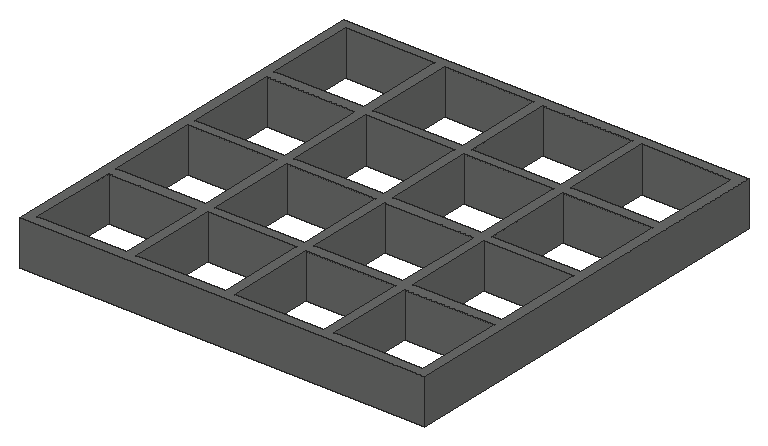
Revit family "Waffle Folded Clouds 001", category Generic Models, Revit 2021
Family settings
  Can host rebar = No
  Round Connector Dimension = Use Diameter
  Part Type = Normal
  Always vertical = Yes
  Cut with Voids When Loaded = No
  Shared = No
  Room Calculation Point = No
Parameters
  Waffle Width = 1' - 0"
  Upper Cover Material = PSH512
  URL = "https://www.csiposhfelt.com/products/waffle-folded-clouds-001"
  Model = "Waffle FoldedClouds  001"
  Manufacturer = "CSIPoshFelt"
  Lower Cover Material = PSH512
  Hanger Material = PSH180
  Default Elevation = 0' - 0"
  Core Material = PSH266
Reference planes (in)
  plane 1: z = 0
Forms (in)
  Extrusion 1, solid, material "PSH266" <- "Core Material"
    sketch origin (0, 0, 0) x (1, 0, 0) y (0, 1, 0)
      loop
        line (-51.37981, 10.87981) -> (-51.37981, -97.12019) -> (56.62019, -97.12019) -> (56.62019, 10.87981) -> (-51.37981, 10.87981)
      loop
        line (-48.87981, 8.37981) -> (-48.87981, -15.49519) -> (-25.00481, -15.49519) -> (-25.00481, 8.37981) -> (-48.87981, 8.37981)
      loop
        line (54.12019, 8.37981) -> (30.24519, 8.37981) -> (30.24519, -15.49519) -> (54.12019, -15.49519) -> (54.12019, 8.37981)
      loop
        line (-48.87981, -94.62019) -> (-25.00481, -94.62019) -> (-25.00481, -70.74519) -> (-48.87981, -70.74519) -> (-48.87981, -94.62019)
      loop
        line (-22.50481, 8.37981) -> (-22.50481, -15.49519) -> (1.37019, -15.49519) -> (1.37019, 8.37981) -> (-22.50481, 8.37981)
      loop
        line (3.87019, 8.37981) -> (3.87019, -15.49519) -> (27.74519, -15.49519) -> (27.74519, 8.37981) -> (3.87019, 8.37981)
      loop
        line (-22.50481, -94.62019) -> (1.37019, -94.62019) -> (1.37019, -70.74519) -> (-22.50481, -70.74519) -> (-22.50481, -94.62019)
      loop
        line (3.87019, -94.62019) -> (27.74519, -94.62019) -> (27.74519, -70.74519) -> (3.87019, -70.74519) -> (3.87019, -94.62019)
      loop
        line (30.24519, -94.62019) -> (54.12019, -94.62019) -> (54.12019, -70.74519) -> (30.24519, -70.74519) -> (30.24519, -94.62019)
      loop
        line (-48.87981, -17.99519) -> (-48.87981, -41.87019) -> (-25.00481, -41.87019) -> (-25.00481, -17.99519) -> (-48.87981, -17.99519)
      loop
        line (-48.87981, -44.37019) -> (-48.87981, -68.24519) -> (-25.00481, -68.24519) -> (-25.00481, -44.37019) -> (-48.87981, -44.37019)
      loop
        line (54.12019, -17.99519) -> (30.24519, -17.99519) -> (30.24519, -41.87019) -> (54.12019, -41.87019) -> (54.12019, -17.99519)
      loop
        line (54.12019, -44.37019) -> (30.24519, -44.37019) -> (30.24519, -68.24519) -> (54.12019, -68.24519) -> (54.12019, -44.37019)
      loop
        line (-22.50481, -17.99519) -> (-22.50481, -41.87019) -> (1.37019, -41.87019) -> (1.37019, -17.99519) -> (-22.50481, -17.99519)
      loop
        line (3.87019, -17.99519) -> (3.87019, -41.87019) -> (27.74519, -41.87019) -> (27.74519, -17.99519) -> (3.87019, -17.99519)
      loop
        line (-22.50481, -44.37019) -> (-22.50481, -68.24519) -> (1.37019, -68.24519) -> (1.37019, -44.37019) -> (-22.50481, -44.37019)
      loop
        line (3.87019, -44.37019) -> (3.87019, -68.24519) -> (27.74519, -68.24519) -> (27.74519, -44.37019) -> (3.87019, -44.37019)
    from 96 to 108
Lines and regions (in)
  reference lines
    curve 1: line (-27.37981, -43.12019, 0) -> (32.62019, -43.12019, 0)
    curve 2: line (2.62019, -13.12019, 0) -> (2.62019, -73.12019, 0)
    curve 3: line (-27.37981, -19.12019, 0) -> (32.62019, -19.12019, 0)
    curve 4: line (-27.37981, -67.12019, 0) -> (32.62019, -67.12019, 0)
    curve 5: line (26.62019, -13.12019, 0) -> (26.62019, -73.12019, 0)
    curve 6: line (-21.37981, -13.12019, 0) -> (-21.37981, -73.12019, 0)
    curve 7: line (69.62019, 0, 108) -> (-64.37981, 0, 108)
    curve 8: line (69.62019, 0, 96) -> (-64.37981, 0, 96)
Dimensions and locks (in)
  level to level = 9' - 0"
  "Waffle Width": curve 8 to curve 7
  aligned and locked: level to plane 1
  aligned and locked: Extrusion 1 to curve 7
  aligned and locked: curve 8 to Extrusion 1
Automatic sketch dimensions
  curve 4 to curve 1 = 0' - 0"
  curve 3 to curve 1 = 0' - 0"
  curve 3 to curve 6 = 0' - 6"  (x2)
  curve 6 to curve 2 = 2' - 0"
  curve 2 to curve 5 = 2' - 0"
  curve 5 to curve 3 = 0' - 6"
  curve 5 to curve 4 = 0' - 6"  (x2)
  curve 1 to curve 3 = 0' - 0"
  curve 2 to curve 5 = 0' - 0"  (x2)
  curve 6 to curve 2 = 0' - 0"
  curve 4 to curve 1 = 2' - 0"
  curve 1 to curve 3 = 2' - 0"
  curve 3 to curve 5 = 0' - 6"
  Extrusion 1 sketch curve to Extrusion 1 sketch curve = 0' - 2 1/2"  (x25)
  Extrusion 1 sketch curve to Extrusion 1 sketch curve = 0' - 0"  (x21)
  Extrusion 1 sketch curve to Extrusion 1 sketch curve = 1' - 11 7/8"  (x20)
  curve 7 to level = 0' - 0"
  curve 7 to curve 8 = 0' - 0"  (x2)
  curve 8 to curve 8 = 11' - 2"
Nested families (in)
  nested 1: "FCT005" at (0, 0, 0), type "FCT005", not visible
    with Hanger Length 6' - 0"
  nested 2: "FCT005" at (0, 0, 0) x (-1, 0, 0) z (0, 0, 1), type "FCT005", not visible
    with Hanger Length 0' - 10.21241"
  nested 3: "FCT005" at (0, 0, 0), type "FCT005", not visible
    with Hanger Length 0' - 10.21241"
  nested 4: "FCT005" at (0, 0, 0) x (-1, 0, 0) z (0, 0, 1), type "FCT005", not visible
    with Hanger Length 0' - 10.21241"
Definition of nested family "FCT005"
  Parameters (values of type "FCT005")
    Upper Cover Material = none
    Lower Cover Material = none
    Hanger Material = none
    Hanger Length [instance] = 0' - 10.21241"
    Default Elevation = 0' - 0"
    Core Material = none
  Reference planes (in)
    plane 1 "Center (Front/Back)": y = 0
    plane 2: z = 0
    plane 3 "Center (Left/Right)": x = 0
    plane 4: z = 95.89336
  Forms (in)
    Extrusion 1, solid, material <- "Upper Cover Material"
      sketch origin (0, 0, 0) x (1, 0, 0) y (0, 1, 0)
        loop
          line (-7.04114, 5.65671) -> (-5.68961, 7.00836) -> (-7.10388, 8.42251) -> (-8.45541, 7.07086) -> (-7.04114, 5.65671)
      from 97.28386 to 98.29132
    Extrusion 2, solid, material <- "Hanger Material"
      sketch origin (0, 0, 0) x (1, 0, 0) y (0, 1, 0)
        loop
          circle (-6.9971, 6.9971) r 0.0625
      from 98.29132 to 99.68182
    Extrusion 3, solid, material <- "Hanger Material"
      sketch origin (0, 0, 0) x (1, 0, 0) y (0, 1, 0)
        loop
          circle (-6.99817, 6.99817) r 0.03125
      from 99.68182 to 108
  Lines and regions (in)
    reference lines
      curve 1: line (-17.61814, 17.61814, 0) -> (19.85852, -19.85852, 0)
      curve 2: line (20.44657, 20.44657, 0) -> (-19.85852, -19.85852, 0)
  Dimensions and locks (in)
    locked: Extrusion 2 to Extrusion 1 at 1.3905
    level to level = 9' - 0"
    plane 4 to Extrusion 3 = 1' - 0.10664"
    locked: Extrusion 1 to Extrusion 3 at 1.3905
    locked: Extrusion 1 to Extrusion 1 at 1.00746
    plane 4 to Extrusion 1 = 0' - 2.39796"
    plane 4 to nested 1 = 0' - 2.10664"
    aligned and locked: level to plane 2
    aligned and locked: Extrusion 3 to Extrusion 2
    aligned and locked: level to Extrusion 3
    aligned and locked: Extrusion 2 to Extrusion 1
  Nested families (in)
    nested 1: "FCT005 S" at (0.07195, -0.07195, 0), type "FCT005 S"
      with Hanger Length 0' - 0", Default Elevation 0' - 10.21241"
  Definition of nested family "FCT005 S"
    Parameters (values of type "FCT005 S")
      Upper Cover Material = none
      Lower Cover Material = none
      Hanger Material = none
      Hanger Length [instance] = 1' - 0"
      Default Elevation = 0' - 0"
      Core Material = none
    Reference planes (in)
      plane 1 "Center (Front/Back)": y = 0
      plane 2: z = 0
      plane 3 "Center (Left/Right)": x = 0
    Forms (in)
      Extrusion 1, solid, material <- "Upper Cover Material"
        sketch origin (11.96128, 11.96128, 131.25) x (-0.707107, -0.707107, 0) y (0, 0, 1)
          loop
            line (26.91581, -29.25) -> (16.91581, -23.25) -> (6.91581, -29.25) -> (6.91581, -29.36811) -> (16.91581, -23.36811) -> (26.91581, -29.36811) -> (26.91581, -29.25)
        from -0.16625 to 18.31279
      Extrusion 2, void
        sketch origin (0, 0, 131.25) x (1, 0, 0) y (0, 1, 0)
          loop
            line (-1.41421, 1.41421) -> (0, 5.56829) -> (0, 14.14214) -> (-8.57385, 14.14214) -> (-12.72792, 12.72792) -> (-14.14214, 8.57385) -> (-14.14214, 0) -> (-5.56829, 0) -> (-1.41421, 1.41421)
          loop
            line (9.98953, 6.86198) -> (-5.36283, 22.21433) -> (-22.15662, 5.42055) -> (-6.80426, -9.93181) -> (9.98953, 6.86198)
        from -131.25 to -1.45612
      Extrusion 3, solid, material <- "Core Material"
        sketch origin (11.96128, 11.96128, 131.13164) x (-0.707107, -0.707107, 0) y (0, 0, 1)
          loop
            line (26.91581, -29.24975) -> (16.91581, -23.24975) -> (6.91581, -29.24975) -> (6.91581, -29.7222) -> (16.91581, -23.7222) -> (26.91581, -29.7222) -> (26.91581, -29.24975)
        from -0.16625 to 18.31279
      Extrusion 4, solid, material <- "Lower Cover Material"
        sketch origin (11.96128, 11.96128, 130.65945) x (-0.707107, -0.707107, 0) y (0, 0, 1)
          loop
            line (26.91581, -29.25) -> (16.91581, -23.25) -> (6.91581, -29.25) -> (6.91581, -29.36811) -> (16.91581, -23.36811) -> (26.91581, -29.36811) -> (26.91581, -29.25)
        from -0.16625 to 18.31279
      Extrusion 5, void, not visible
        sketch origin (0, 0, 119.25) x (1, 0, 0) y (0, 1, 0)
          loop
            line (-1.41421, 1.41421) -> (0, 5.56829) -> (0, 14.14214) -> (-8.57385, 14.14214) -> (-12.72792, 12.72792) -> (-14.14214, 8.57385) -> (-14.14214, 0) -> (-5.56829, 0) -> (-1.41421, 1.41421)
          loop
            line (9.98953, 6.86198) -> (-5.36283, 22.21433) -> (-22.15662, 5.42055) -> (-6.80426, -9.93181) -> (9.98953, 6.86198)
        from -36.47991 to -18.21271
      Extrusion 6, solid, material <- "Core Material", not visible
        sketch origin (11.96128, 11.96128, 119.13164) x (-0.707107, -0.707107, 0) y (0, 0, 1)
          loop
            line (26.91581, -29.24975) -> (16.91581, -23.24975) -> (6.91581, -29.24975) -> (6.91581, -29.7222) -> (16.91581, -23.7222) -> (26.91581, -29.7222) -> (26.91581, -29.24975)
        from -0.16625 to 18.31279
      Extrusion 7, solid, material <- "Lower Cover Material", not visible
        sketch origin (11.96128, 11.96128, 118.65945) x (-0.707107, -0.707107, 0) y (0, 0, 1)
          loop
            line (26.91581, -29.25) -> (16.91581, -23.25) -> (6.91581, -29.25) -> (6.91581, -29.36811) -> (16.91581, -23.36811) -> (26.91581, -29.36811) -> (26.91581, -29.25)
        from -0.16625 to 18.31279
      Extrusion 8, solid, material <- "Upper Cover Material", not visible
        sketch origin (11.96128, 11.96128, 117.8595) x (-0.707107, -0.707107, 0) y (0, 0, 1)
          loop
            line (26.91581, -29.25) -> (16.91581, -23.25) -> (6.91581, -29.25) -> (6.91581, -29.36811) -> (16.91581, -23.36811) -> (26.91581, -29.36811) -> (26.91581, -29.25)
        from -0.16625 to 18.31279
      Extrusion 9, void, not visible
        sketch origin (0, 0, 117.8595) x (1, 0, 0) y (0, 1, 0)
          loop
            line (-1.41421, 1.41421) -> (0, 5.56829) -> (0, 14.14214) -> (-8.57385, 14.14214) -> (-12.72792, 12.72792) -> (-14.14214, 8.57385) -> (-14.14214, 0) -> (-5.56829, 0) -> (-1.41421, 1.41421)
          loop
            line (9.98953, 6.86198) -> (-5.36283, 22.21433) -> (-22.15662, 5.42055) -> (-6.80426, -9.93181) -> (9.98953, 6.86198)
        from -36.47991 to -18.21271
      Extrusion 10, solid, material <- "Core Material", not visible
        sketch origin (11.96128, 11.96128, 117.74114) x (-0.707107, -0.707107, 0) y (0, 0, 1)
          loop
            line (26.91581, -29.24975) -> (16.91581, -23.24975) -> (6.91581, -29.24975) -> (6.91581, -29.7222) -> (16.91581, -23.7222) -> (26.91581, -29.7222) -> (26.91581, -29.24975)
        from -0.16625 to 18.31279
      Extrusion 11, solid, material <- "Lower Cover Material", not visible
        sketch origin (11.96128, 11.96128, 117.26895) x (-0.707107, -0.707107, 0) y (0, 0, 1)
          loop
            line (26.91581, -29.25) -> (16.91581, -23.25) -> (6.91581, -29.25) -> (6.91581, -29.36811) -> (16.91581, -23.36811) -> (26.91581, -29.36811) -> (26.91581, -29.25)
        from -0.16625 to 18.31279
    Cuts and joins
      Extrusion 2 cuts Extrusion 1
      Extrusion 2 cuts Extrusion 3
      Extrusion 2 cuts Extrusion 4
    Lines and regions (in)
      reference lines
        curve 1: line (-17.61814, 17.61814, 0) -> (19.85852, -19.85852, 0)
        curve 2: line (20.44657, 20.44657, 0) -> (-19.85852, -19.85852, 0)
        curve 3: line (-26.02284, 0, 108) -> (10.97716, 0, 108)
        curve 4: line (-26.02284, 0, 107.88189) -> (10.97716, 0, 107.88189)
        curve 5: line (-26.02284, 0, 107.40945) -> (10.97716, 0, 107.40945)
        curve 6: line (-26.02284, 0, 107.29134) -> (10.97716, 0, 107.29134)
        curve 15: line (-26.02284, 0, 101.29134) -> (10.97716, 0, 101.29134)
      reference lines, not visible
        curve 7: line (-26.02284, 0, 96) -> (10.97716, 0, 96)
        curve 8: line (-26.02284, 0, 95.88189) -> (10.97716, 0, 95.88189)
        curve 9: line (-26.02284, 0, 95.40945) -> (10.97716, 0, 95.40945)
        curve 10: line (-26.02284, 0, 95.29134) -> (10.97716, 0, 95.29134)
        curve 11: line (-26.02284, 0, 94.6095) -> (10.97716, 0, 94.6095)
        curve 12: line (-26.02284, 0, 94.49139) -> (10.97716, 0, 94.49139)
        curve 13: line (-26.02284, 0, 94.01895) -> (10.97716, 0, 94.01895)
        curve 14: line (-26.02284, 0, 93.90084) -> (10.97716, 0, 93.90084)
    Dimensions and locks (in)
      level to level = 9' - 0"
      locked: cut or joined group of Extrusion 2, Extrusion 4 to cut or joined group of Extrusion 2, Extrusion 4 at 0.11811  (x2)
      locked: cut or joined group of Extrusion 2, Extrusion 4 to cut or joined group of Extrusion 2, Extrusion 3 at 0.47244
      locked: curve 3 to curve 4 at 0.11811
      locked: curve 4 to curve 5 at 0.47244
      locked: curve 5 to curve 6 at 0.11811
      locked: curve 7 to curve 8 at 0.11811
      locked: curve 8 to curve 9 at 0.47244
      locked: curve 9 to curve 10 at 0.11811
      locked: curve 11 to curve 12 at 0.11811
      locked: curve 12 to curve 13 at 0.47244
      locked: curve 13 to curve 14 at 0.11811
      aligned and locked: level to plane 2
      aligned and locked: Extrusion 2 to curve 1
